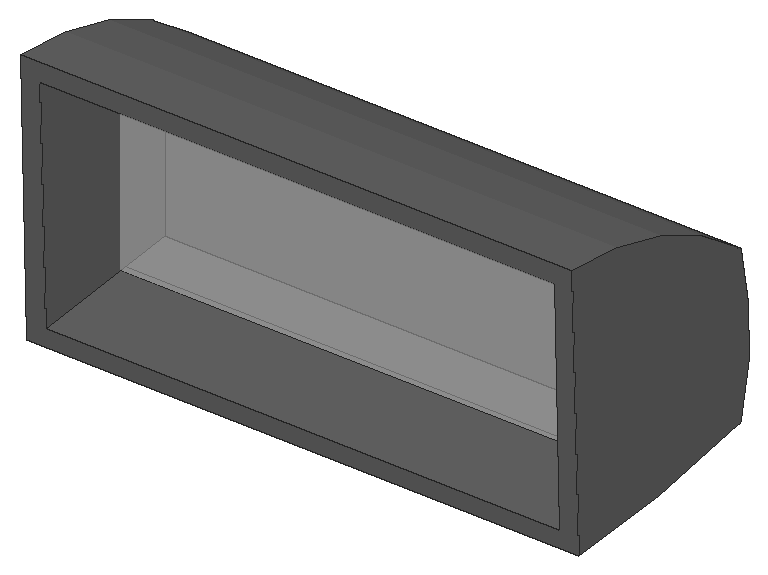
Revit family "FLL - Knuckle", category Lighting Fixtures, host Face, Revit 2021
Family settings
  Host = Face
  Round Connector Dimension = Use Diameter
  Part Type = Normal
  OmniClass Number = 23.80.70.14.14
  OmniClass Title = Exterior Floodlights
  Cut with Voids When Loaded = No
  Light Source = No
  Shared = Yes
  Room Calculation Point = No
Parameters (values of type "FLL")
  Voltage = 120 V
  URL = "https://www.currentlighting.com/exo"
  Total Input Wattage = 97 W
  Tilt Angle = 0.00°
  Stand = Black
  Product Page URL = ""
  Product Documentation Link = ""
  Pivot calc. = 89.00° + Pivot Angle + 1.00°  # 90.00°
  Pivot Angle = Tilt Angle  # 0.00°
  Photometric Web = Web ARF3 - Knuckle : ARF3-X-42L4K-700-M-U
  Model = "FLL LED Floodlight"  # constant formula
  Manufacturer = "EXO"  # constant formula
  Lens = White Glass
  Finish = Black
  Description = "Office buildings, monuments, facades, columns, flag poles, bridges, commercial, mixed retail, apartments, schools and campuses"  # constant formula
  Default Elevation = 48.000"
  Apparent Load = 0 VA
Reference planes (in)
  plane 1 "Center (Front/Back)": y = 0
  plane 2: z = 0
  plane 3 "Center (Left/Right)": x = 0
  plane 4: z = 2
  plane 5: z = 2
  plane 6: x = 0.5
  plane 7: y = -0.5
  plane 8: y = 0.5
Forms (in)
  Extrusion 1, solid, material "Black" <- "Stand"
    sketch origin (0, 0, 0) x (0, 1, 0) y (0, 0, 1)
      loop
        circle (0, 2) r 0.75
    from 0 to 0.5
  Extrusion 2, solid, material "Black" <- "Stand"
    sketch origin (0, 0, 0) x (1, 0, 0) y (0, 1, 0)
      loop
        circle (0, 0) r 0.3
    from 0 to 2
  Extrusion 3, void
    sketch origin (0, 0, 0) x (1, 0, 0) y (0, 0, 1)
      loop
        line (-0.3, 2) -> (-0.3, 0.64622) -> (0, 1.03686) -> (0, 2) -> (-0.3, 2)
    from -0.5 to 0.5
Cuts and joins
  Extrusion 3 cuts Extrusion 1
  Extrusion 3 cuts Extrusion 2
  joined: Extrusion 1, Extrusion 2
Lines and regions (in)
  reference lines
    curve 1: line (0, 0, 2) -> (0, 0, 0.50316)
Dimensions and locks (in)
  locked: plane 4 to plane 2 at 2
  locked: plane 6 to plane 3 "Center (Left/Right)" at 0.5
  equal spacing: plane 7, plane 1 "Center (Front/Back)", plane 8
  locked: plane 1 "Center (Front/Back)" to plane 8 at 0.5
  locked: plane 4 to Extrusion 3 sketch curve at 1.35378
  locked: plane 4 to Extrusion 3 sketch curve at 0.96314
  locked: curve 1 to plane 5 (angle 90.00°)
  "Pivot calc.": angle plane 1 "Center (Front/Back)" to plane 5
  aligned and locked: plane 2 to host face
  aligned and locked: level to host face
  aligned and locked: plane 1 "Center (Front/Back)" to curve 1
  aligned and locked: plane 5 to curve 1
  aligned and locked: plane 3 "Center (Left/Right)" to nested 1
  aligned and locked: nested 1 to curve 1
  aligned and locked: nested 1 to plane 5
  aligned and locked: Extrusion 1 to plane 3 "Center (Left/Right)"
  aligned and locked: Extrusion 2 to plane 2
  aligned and locked: plane 4 to Extrusion 2
  aligned and locked: Extrusion 3 sketch curve to Extrusion 2  (x2)
  aligned and locked: Extrusion 3 sketch curve to plane 3 "Center (Left/Right)"
  aligned and locked: plane 8 to Extrusion 3
  aligned and locked: Extrusion 3 to plane 7
  aligned and locked: Extrusion 2 to host face
  aligned and locked: plane 6 to cut or joined group of Extrusion 1, Extrusion 2, Extrusion 3
  aligned and locked: nested 2 to nested 1
  aligned and locked: nested 2 to plane 3 "Center (Left/Right)"
Automatic sketch dimensions
  host sketch curve to host sketch curve = 96.000"  (x2)
  plane 1 "Center (Front/Back)" to Extrusion 2 sketch curve = 0.000"
  Extrusion 2 sketch curve to plane 3 "Center (Left/Right)" = 0.000"
  Extrusion 1 sketch curve to plane 1 "Center (Front/Back)" = 0.000"
  Extrusion 1 sketch curve to plane 4 = 0.000"
  radius of Extrusion 2 sketch curve = 0.300"
  radius of Extrusion 1 sketch curve = 0.750"
Nested families (in)
  nested 1: "ARF3 Architectural 42 LED Floodlight - Knuckle" at (0, 0, 0), Finish <- "Finish", Lens <- "Lens", type "ARF3 Architectural 42 LED Floodlight - Knuckle"
    with Lens White Glass, Finish Black
  nested 2: "Web ARF3 - Knuckle" at (-0.23896, -1.5, 6.03999) x (-1, 0, 0) z (0, -1, 0), type <- "Photometric Web", type "ARF3-X-42L4K-700-M-U"
Connectors (in)
  electrical at (0, 0, 0), driven by "Voltage", driven by "Description"
    settings: on cut or joined group of Extrusion 1, Extrusion 2, Extrusion 3, index 1, voltage 120 V, apparent load 0 VA, apparent load phase1 0 VA, apparent load phase2 0 VA, apparent load phase3 0 VA, power factor 1, load classification "Other", number of poles 1, system type 30, power factor state 1, is connector primary yes, connector utility no, sub classification motor no, connector description "Office buildings, monuments, facades, columns, flag poles, bridges, commercial, mixed retail, apartments, schools and campuses"
Definition of nested family "ARF3 Architectural 42 LED Floodlight - Knuckle"
  Parameters
    URL = "http://www.spauldinglighting.com/"
    Product Page URL = ""
    Product Documentation Link = ""
    Manufacturer Phone = "(864)-678-1000"  # constant formula
    Manufacturer Fax = "(866)-898-1065"  # constant formula
    Manufacturer = "Spaulding Lighting"  # constant formula
    Lens [instance] = none
    Finish [instance] = none
    Default Elevation = 48.000"
  Reference planes (in)
    plane 1 "Center (Front/Back)": y = 0
    plane 2: z = 0
    plane 3 "Center (Left/Right)": x = 0
    plane 4: z = 2
    plane 5: y = 1.75
    plane 6: y = -4.25
    plane 7: x = -7.45
    plane 8: x = 7.45
    plane 9: z = 9.5
    plane 10: x = -0.5
    plane 11: z = 2.5
    plane 12: x = -6.95
    plane 13: x = 6.95
    plane 14: y = -1.5
    plane 15: y = -1.35
    plane 16: z = 6
  Forms (in)
    Extrusion 1, solid, material <- "Finish"
      sketch origin (0, 0, 0) x (0, 1, 0) y (0, 0, 1)
        loop
          line (-0.75, 3.25) -> (-0.75, 2)
          arc (-0.75, 2) -> (0, 1.25) -> (0.75, 2) r 0.75
          line (0.75, 2) -> (0.75, 3.25) -> (-0.75, 3.25)
      from -0.5 to 0
    Extrusion 2, solid, material <- "Finish"
      sketch origin (0, 0, 0) x (0, 1, 0) y (0, 0, 1)
        loop
          arc (-4.25, 9.5) -> (-4.02399, 6.00687) -> (-4.02065, 2.50643) r 55
          arc (-4.02065, 2.50643) -> (-1.28595, 2.75216) -> (1.40323, 3.30646) r 24.16962
          arc (1.40323, 3.30646) -> (1.4477, 3.33193) -> (1.47362, 3.37613) r 0.09964
          arc (1.47362, 3.37613) -> (1.75304, 5.43584) -> (1.47052, 7.49512) r 7.68851
          arc (1.47052, 7.49512) -> (1.45227, 7.53499) -> (1.42256, 7.56725) r 0.13982
          arc (1.42256, 7.56725) -> (-1.24754, 9.02137) -> (-4.25, 9.5) r 8.9698
      from -7.45 to 7.45
    Extrusion 3, void
      sketch origin (0, 0, 0) x (0, 1, 0) y (0, 0, 1)
        loop
          line (-4.25, 9) -> (-4.25, 2.90205) -> (0, 3.42388) -> (0, 8.17388)
          arc (0, 8.17388) -> (-2.09232, 8.75505) -> (-4.25, 9) r 13.76784
      from -6.95 to 6.95
    Extrusion 4, solid, material <- "Lens"
      sketch origin (0, 0, 0) x (0, 1, 0) y (0, 0, 1)
        loop
          line (-1.5, 3.23971) -> (-1.35, 3.25812) -> (-1.35, 8.58935)
          arc (-1.35, 8.58935) -> (-1.42495, 8.60805) -> (-1.5, 8.62632) r 13.76784
          line (-1.5, 8.62632) -> (-1.5, 3.23971)
      from -6.95 to 6.95
  Cuts and joins
    Extrusion 3 cuts Extrusion 1
    Extrusion 3 cuts Extrusion 2
    joined: Extrusion 1, Extrusion 2
  Lines and regions (in)
    reference lines
      curve 1: line (0, 0, 2) -> (0, 2.06819, 1.34244)
      curve 2: line (0, -5.25, 6) -> (0, 3.47, 6)
  Dimensions and locks (in)
    locked: plane 4 to plane 2 at 2
    locked: plane 6 to plane 5 at 6
    locked: plane 1 "Center (Front/Back)" to plane 5 at 1.75
    equal spacing: plane 8, plane 3 "Center (Left/Right)", plane 7
    locked: plane 8 to plane 7 at 14.9
    plane 3 "Center (Left/Right)" to plane 10 = 0.500"
    locked: plane 11 to plane 4 at 0.5
    locked: plane 9 to plane 11 at 7
    equal spacing: plane 13, plane 3 "Center (Left/Right)", plane 12
    locked: plane 12 to plane 7 at 0.5
    locked: plane 14 to plane 1 "Center (Front/Back)" at 1.5
    locked: plane 14 to plane 15 at 0.15
    equal spacing: plane 9, plane 16, plane 11
    equal spacing: Extrusion 1 sketch curve, plane 1 "Center (Front/Back)", Extrusion 1 sketch curve, locked at 0.75 each
    locked: Extrusion 1 sketch curve to plane 4 at 1.25
    Extrusion 2 sketch curve to Extrusion 2 sketch curve to plane 11 = 4.26079" locked, 0.80646" locked
    locked: Extrusion 2 sketch curve to plane 5 at 0.32744
    locked: Extrusion 2 sketch curve to plane 5 at 0.34677
    locked: Extrusion 3 sketch curve to Extrusion 3 sketch curve at 4.75
    locked: Extrusion 3 sketch curve to Extrusion 3 sketch curve at 6.09795
    radius of Extrusion 2 sketch curve = 55.000"
    aligned and locked: plane 2 to level
    aligned and locked: Extrusion 1 to plane 10
    aligned and locked: plane 3 "Center (Left/Right)" to Extrusion 1
    aligned and locked: Extrusion 2 to plane 7
    aligned and locked: plane 8 to Extrusion 2
    aligned and locked: curve 2 to plane 16
    aligned and locked: plane 4 to Extrusion 1 sketch curve  (x2)
    aligned and locked: Extrusion 3 to plane 12
    aligned and locked: plane 13 to Extrusion 3
    aligned and locked: plane 6 to Extrusion 3 sketch curve
    aligned and locked: plane 1 "Center (Front/Back)" to Extrusion 3 sketch curve
    aligned and locked: plane 14 to Extrusion 4 sketch curve
    aligned and locked: Extrusion 4 sketch curve to plane 15
    aligned and locked: Extrusion 4 sketch curve to cut or joined group of Extrusion 1, Extrusion 2, Extrusion 3
    aligned and locked: cut or joined group of Extrusion 1, Extrusion 2, Extrusion 3 to Extrusion 4 sketch curve
    aligned and locked: cut or joined group of Extrusion 1, Extrusion 2, Extrusion 3 to Extrusion 4  (x2)
  Automatic sketch dimensions
    curve 1 to plane 1 "Center (Front/Back)" = 0.000"
    curve 1 to plane 4 = 0.000"
    curve 2 to plane 6 = 1.000"
    plane 5 to curve 1 = 0.31819"
    plane 5 to curve 2 = 1.720"
    curve 1 to plane 4 = 0.65756"
    plane 15 to Extrusion 1 sketch curve = 0.600"
    Extrusion 2 sketch curve to plane 6 = 0.000"
    Extrusion 2 sketch curve to plane 9 = 0.000"
    Extrusion 2 sketch curve to plane 6 = 0.56285"
    Extrusion 2 sketch curve to plane 16 = 0.56995"
    Extrusion 2 sketch curve to plane 6 = 1.68547"
    plane 11 to Extrusion 2 sketch curve = 1.70414"
    plane 6 to Extrusion 2 sketch curve = 0.10958"
    plane 11 to Extrusion 2 sketch curve = 0.00643"
    Extrusion 2 sketch curve to Extrusion 2 sketch curve = 0.08672"
    Extrusion 2 sketch curve to Extrusion 2 sketch curve = 0.02562"
    Extrusion 2 sketch curve to Extrusion 2 sketch curve = 0.000"  (x3)
    Extrusion 3 sketch curve to plane 6 = 0.46935"
    plane 11 to Extrusion 3 sketch curve = 0.40205"
    plane 11 to Extrusion 3 sketch curve = 0.92388"
Definition of nested family "Web ARF3 - Knuckle"
  Parameters
    Wattage Comments = ""
    Wattage = 32 W
    built-in parameter 1150110 = 1 (stored number, unit not read)
    URL = "http://www.spauldinglighting.com/"
    built-in parameter 1114217 = 1 (stored number, unit not read)
    Tilt Angle = -90.00°
    built-in parameter 1150109 = 1 (stored number, unit not read)
    built-in parameter 1150134 = 3
    built-in parameter 1150113 = 1 (stored number, unit not read)
    Product Page URL = ""
    Product Documentation Link = ""
    Photometric Web File = "ARF3-X-42L4K-070-W-U-XX.ies"
    Model = ""
    Manufacturer Phone = "(864)-678-1000"  # constant formula
    Manufacturer Fax = "(866)-898-1065"  # constant formula
    Manufacturer = "Spaulding Lighting"  # constant formula
    built-in parameter 1150105 = 206.9 (stored number, unit not read)
    Lumens = 2600 lm
    built-in parameter 1150115 = 1 (stored number, unit not read)
    built-in parameter 1150137 = (empty or 0)
    built-in parameter 1150139 = (empty or 0)
    built-in parameter 1150112 = 1 (stored number, unit not read)
    built-in parameter 1150114 = 1 (stored number, unit not read)
    Lamp = ""
    built-in parameter 1150132 = (empty or 0)
    built-in parameter 1150102 = (empty or 0)
    built-in parameter 1150107 = 3200 (stored number, unit not read)
    built-in parameter 1150138 = (empty or 0)
    built-in parameter 1150106 = 2.069 (stored number, unit not read)
    built-in parameter 1150104 = 7.5484 (stored number, unit not read)
    Dimming Lamp Color Temperature Shift = (empty or 0)
    Description = ""
    Default Elevation = 48.000"
    Color Filter = 16777215
    built-in parameter 1114218 = 1 (stored number, unit not read)
    built-in parameter 1150133 = 10 (stored number, unit not read)
  Reference planes (in)
    plane 1 "Center (Front/Back)": y = 0.03999
    plane 2: z = 0
    plane 3 "Center (Left/Right)": x = -0.23896
  Forms (in)
    Extrusion 1, solid
      sketch origin (0, 0, 0.06357) x (1, 0, 0) y (0, 1, 0)
        loop
          line (-48, 48) -> (-48, -48) -> (48, -48) -> (48, 48) -> (-48, 48)
      from -0.06357 to -17.74365
  Lines and regions (in)
    reference lines
      curve 1: line (-0.23896, 0.03999, 18.11448) -> (-0.23896, 0.03999, -22.88552)
      curve 2: line (-0.23896, 0.03999, 34) -> (-0.23896, 0.03999, -22.88552)
  Dimensions and locks (in)
    aligned and locked: plane 2 to Extrusion 1
    aligned and locked: level to Extrusion 1
    aligned and locked: curve 1 to plane 3 "Center (Left/Right)"
    aligned and locked: plane 1 "Center (Front/Back)" to curve 2
    aligned and locked: imposter light to plane 1 "Center (Front/Back)"
